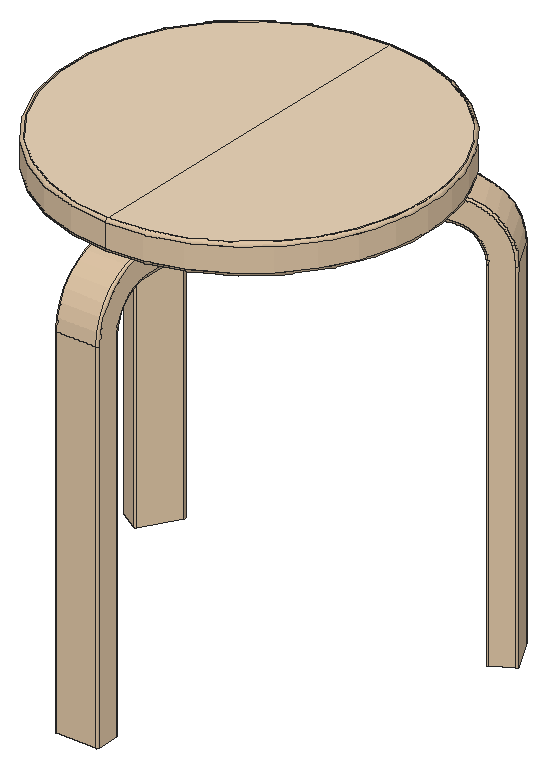
Revit family "Artek_Stools_Stool 60_Stool 60_quick_ship", category Furniture, Revit 2017
Family settings
  OmniClass Number = 23.40.20.14.14.11
  OmniClass Title = Chairs
  Work Plane-Based = No
  Always vertical = Yes
  Cut with Voids When Loaded = No
  Shared = No
  Room Calculation Point = No
Parameters (values of type "Stool 60 - natural lacquered / birch veneer")
  WarrantyStartDate [instance] = "n/a"
  WarrantyGuarantorParts = "n/a"
  WarrantyGuarantorLabor = "n/a"
  WarrantyDurationUnit = "n/a"
  WarrantyDurationParts = "n/a"
  WarrantyDurationLabor = "n/a"
  WarrantyDescription = "n/a"
  VersionDate = "12/11/2020"  # constant formula
  Version = "1"  # constant formula
  Uniclass2015Reference = "Pr_40_50_51_31"
  Uniclass2015Description = "Foot stools"
  Uniclass2 = "Pr_40_50_12_83"
  URL = "https://www.artek.fi/en/products/stool-60 "
  Type Comments = ""
  TagNumber [instance] = "n/a"
  SustainabilityPerformance = "n/a"
  Style = "n/a"
  Size = "380x380x440mm"
  Shape = "Sculptured"
  SerialNumber [instance] = "n/a"
  SeatingHeight = 440 mm
  SeatMaterial = Birch Veneer
  SeatBandMaterial = Natural Lacquered
  Revision = "1"  # constant formula
  ReplacementCost = "n/a"
  ProductInformation = "Alvar Aalto’s iconic Stool 60 is the most elemental of furniture pieces, equally suitable as a seat, a table, storage unit, or display surface. The legs are mounted directly to the underside of the round seat without the need for complicated connecting elements. Thanks to its geometry, the stool can be stacked to save space in a spiralling tower sculpture. Manufactured in 42 production steps at the A-Factory in Turku, Finland, Stool 60 is available in a wide variety of colours and finishes. Several million units of Stool 60 and its four-legged cousin, Stool E60, have been sold, making it one of the most cherished products in the history of design."
  NominalLength = 380 mm
  NominalHeight = 440 mm
  NominalDepth = 380 mm
  Name = "Stool_60"  # constant formula
  NBSReference = "45-35-20/365"
  NBSDescription = "Domestic chairs"
  ModelReference = "n/a"
  ModelNumber = "28000151"
  Material = "Wood/Fabric/Textile"
  ManufacturerURL = "https://www.artek.fi/"
  ManufacturerName = "Artek"
  Model = "Stool 60"
  Manufacturer = "Artek"
  MainColor = "Various"
  LegsMaterial = Natural Lacquered
  InstallationDate [instance] = "n/a"
  IfcExportType = "CHAIR"  # constant formula
  IfcExportAs = "IfcFurnishingElementType"  # constant formula
  Grade = "n/a"
  Finish = "Three legs and seat edge-band:\r\nSolid birch\r\nSeat core versions:\r\nSolid birch, Birch plywood\r\nSeat surface versions:\r\nBirch veneer, High-pressure laminate, Linoleum, Fabric upholstery and PU foam padding, Leather upholstery and PU foam padding, Leather upholstery"
  Features = "Stool 60 can be stacked to create a spiralling tower of design classics Made of solid birch in Finland The simple geometry of Stool 60 has an elemental power"
  ExpectedLife = "n/a"
  DurationUnit = "Years"
  Designer = "Alvar Aalto"
  Description = "Alvar Aalto’s iconic Stool 60 is the most elemental of furniture pieces, equally suitable as a seat, a table, storage unit, or display surface. The legs are mounted directly to the underside of the round seat without the need for complicated connecting elements. Thanks to its geometry, the stool can be stacked to save space in a spiralling tower sculpture. Manufactured in 42 production steps at the A-Factory in Turku, Finland, Stool 60 is available in a wide variety of colours and finishes. Several million units of Stool 60 and its four-legged cousin, Stool E60, have been sold, making it one of the most cherished products in the history of design."
  Cost = 0
  ConvergoRefNr = "n/a"
  Constituents = "n/a"
  Color = "Various"
  Collection = "Stool 60"
  CodePerformance = "n/a"
  Barcode [instance] = "n/a"
  AssetIdentifier [instance] = "n/a"
  Category = "Stools"
  Brand = "Artek"
  BIMObjectName = "Furniture_Chairs_Artek_Stool_60"  # constant formula
  Author = "Convergo AB"  # constant formula
  AssetType = "Movable"
  AccessibilityPerformance = "n/a"
Types (16, lengths in mm): name | SeatMaterial | SeatBandMaterial | ModelNumber | LegsMaterial
  Stool 60 - natural lacquered / birch veneer | Birch Veneer | Natural Lacquered | "28000151" | Natural Lacquered
  Stool 60 - natural lacquered / IKI white HPL | IKI white HPL | Natural Lacquered | "28000152" | Natural Lacquered
  Stool 60 - natural lacquered / black linoleum | Black Linoleum | Natural Lacquered | "28000153" | Natural Lacquered
  Stool 60 - natural lacquered / black lacquered | Black Lacquered | Black Lacquered | "28000154" | Natural Lacquered
  Stool 60 - natural lacquered / white lacquered | White Lacquered | White Lacquered | "28000155" | Natural Lacquered
  Stool 60 - natural lacquered / orange lacquered | Orange Lacquered | Orange Lacquered | "28000156" | Natural Lacquered
  Stool 60 - natural lacquered / yellow lacquered | Yellow Lacquered | Yellow Lacquered | "28000157" | Natural Lacquered
  Stool 60 - natural lacquered / green lacquered | Green Lacquered | Green Lacquered | "28000158" | Natural Lacquered
  Stool 60 - natural lacquered / petrol lacquered | Petrol Lacquered | Petrol Lacquered | "28000184" | Natural Lacquered
  Stool 60 - natural lacquered / red lacquered | Red Lacquered | Red Lacquered | "28000185" | Natural Lacquered
  Stool 60 - natural lacquered / blue lacquered | Blue Lacquered | Blue Lacquered | "28000186" | Natural Lacquered
  Stool 60 - white lacquered / white lacquered | White Lacquered | White Lacquered | "28000163" | White Lacquered
  Stool 60 - natural lacquered / grey lacquered | Grey Lacquered | Grey Lacquered | "28000187" | Natural Lacquered
  Stool 60 - black lacquered / black lacquered | Black Lacquered | Black Lacquered | "28000164" | Black Lacquered
  Stool 60 - honey stained / honey stained | Honey Stained | Honey Stained | "28000182" | Honey Stained
  Stool 60 - walnut stained / walnut stained | Walnut Stained | Walnut Stained | "28000171" | Walnut Stained
Reference planes
  plane 1 "Center (Front/Back)": y = 0
  plane 2: z = 0
  plane 3 "Center (Left/Right)": x = 0
  plane 4: z = 440
  plane 5: z = 440
  plane 6: y = 193
  plane 7: y = -193
  plane 8: x = 192.5
  plane 9: x = -192.5
Forms (mm)
  Revolve 1, solid, material "Birch Veneer" <- "SeatMaterial", detail levels medium+fine
    sketch origin (0, 0, 0) x (0, 1, 0) y (0, 0, 1)
      loop
        line (190, 440) -> (18, 440) -> (18, 435.946) -> (190, 435.946) -> (190, 440)
      axis (18, 440) -> (18, 435.946)
    angle from 0 to 360
  Extrusion 2, solid, material "Birch Veneer" <- "SeatMaterial", detail levels coarse
    sketch origin (0, 0, 0) x (1, 0, 0) y (0, 1, 0)
      loop
        line (-192.5, 193) -> (-192.5, -193) -> (192.5, -193) -> (192.5, 193) -> (-192.5, 193)
    from 440 to 0
  Sweep 3, solid, material "Natural Lacquered" <- "LegsMaterial", detail levels medium+fine
    path origin (0, 0, 0) x (0, 1, 0) y (0, 0, 1)
      loop
        line (-168, 0) -> (-168, 351.014)
        arc (-168, 351.014) -> (-157.749, 375.763) -> (-133, 386.014) r 35
        line (-133, 386.014) -> (-55.593, 386.014)
    profile origin (0, -168, 175.507) x (0, -1, 0) y (1, 0, 0)
      loop
        arc (-0.004, -19.001) -> (0.582, -20.415) -> (1.996, -21.001) r 2
        line (1.996, -21.001) -> (22.996, -21.001)
        arc (22.996, -21.001) -> (24.41, -20.415) -> (24.996, -19.001) r 2
        line (24.996, -19.001) -> (24.996, 18.999)
        arc (24.996, 18.999) -> (24.41, 20.414) -> (22.996, 20.999) r 2
        line (22.996, 20.999) -> (1.996, 20.999)
        arc (1.996, 20.999) -> (0.582, 20.414) -> (-0.004, 18.999) r 2
        line (-0.004, 18.999) -> (-0.004, -19.001)
  Sweep 4, solid, material "Natural Lacquered" <- "LegsMaterial", detail levels medium+fine
    path origin (15.594, 27.01, 0) x (-0.866025, -0.5, 0) y (0, 0, 1)
      loop
        line (-168, 0) -> (-168, 351.014)
        arc (-168, 351.014) -> (-157.749, 375.763) -> (-133, 386.014) r 35
        line (-133, 386.014) -> (-55.593, 386.014)
    profile origin (161.086, 111.01, 175.507) x (0.866025, 0.5, 0) y (-0.5, 0.866025, 0)
      loop
        arc (-0.004, -19.001) -> (0.582, -20.415) -> (1.996, -21.001) r 2
        line (1.996, -21.001) -> (22.996, -21.001)
        arc (22.996, -21.001) -> (24.41, -20.415) -> (24.996, -19.001) r 2
        line (24.996, -19.001) -> (24.996, 18.999)
        arc (24.996, 18.999) -> (24.41, 20.414) -> (22.996, 20.999) r 2
        line (22.996, 20.999) -> (1.996, 20.999)
        arc (1.996, 20.999) -> (0.582, 20.414) -> (-0.004, 18.999) r 2
        line (-0.004, 18.999) -> (-0.004, -19.001)
  Sweep 5, solid, material "Natural Lacquered" <- "LegsMaterial", detail levels medium+fine
    path origin (-15.594, 27.01, 0) x (0.866025, -0.5, 0) y (0, 0, 1)
      loop
        line (-168, 0) -> (-168, 351.014)
        arc (-168, 351.014) -> (-157.749, 375.763) -> (-133, 386.014) r 35
        line (-133, 386.014) -> (-55.593, 386.014)
    profile origin (-161.086, 111.01, 175.507) x (-0.866025, 0.5, 0) y (-0.5, -0.866025, 0)
      loop
        arc (-0.004, -19.001) -> (0.582, -20.415) -> (1.996, -21.001) r 2
        line (1.996, -21.001) -> (22.996, -21.001)
        arc (22.996, -21.001) -> (24.41, -20.415) -> (24.996, -19.001) r 2
        line (24.996, -19.001) -> (24.996, 18.999)
        arc (24.996, 18.999) -> (24.41, 20.414) -> (22.996, 20.999) r 2
        line (22.996, 20.999) -> (1.996, 20.999)
        arc (1.996, 20.999) -> (0.582, 20.414) -> (-0.004, 18.999) r 2
        line (-0.004, 18.999) -> (-0.004, -19.001)
  Revolve 6, solid, material "Natural Lacquered" <- "SeatBandMaterial", detail levels medium+fine
    sketch origin (0, 0, 0) x (0, 1, 0) y (0, 0, 1)
      loop
        line (17.959, 435.946) -> (17.959, 411.014) -> (190, 411.014)
        arc (190, 411.014) -> (192.121, 411.893) -> (193, 414.014) r 3
        line (193, 414.014) -> (193, 437)
        arc (193, 437) -> (192.121, 439.121) -> (190, 440) r 3
        line (190, 440) -> (190, 435.946) -> (17.959, 435.946)
      axis (17.959, 411.014) -> (17.959, 440)
    angle from 0 to 360
Lines and regions (mm)
  symbolic lines, detail levels medium+fine
    curve 1: line (0, 0, 440) -> (-171.58, 0, 440)
    curve 3: line (-174.58, 0, 437) -> (-174.58, 0, 414)
    curve 4: line (-0.001, 0, 0) -> (-21.001, 0, 0)
    curve 5: line (-21.001, 0, 0) -> (-21.001, 0, 411)
    curve 6: line (-51.198, 0, 411) -> (-51.198, 0, 386.804)
    curve 7: line (-51.198, 0, 386.804) -> (-74.775, 0, 386.804)
    curve 10: line (-147.349, 0, 336.268) -> (-147.349, 0, 0)
    curve 11: line (-190, 0, 0) -> (-147.349, 0, 0)
    curve 12: line (-190, 0, 336) -> (-190, 0, 0)
    curve 14: line (-104.048, 0, 386.804) -> (-74.775, 0, 386.804)
    curve 15: line (-144.801, 0, 411) -> (-171.58, 0, 411)
    curve 18: line (-21.001, 0, 411) -> (-51.198, 0, 411)
    curve 19: line (0, 0, 440) -> (0, 190, 440)
    curve 20: line (0, 193, 437) -> (0, 193, 414.014)
    curve 21: arc (0, 190, 440) -> (0, 192.121, 439.121) -> (0, 193, 437) r 3
    curve 22: arc (0, 193, 414.014) -> (0, 192.121, 411.893) -> (0, 190, 411.014) r 3
    curve 23: line (0, 190, 411.014) -> (0, 112.659, 411.014)
    curve 24: line (0, 0, 440) -> (0, -154.082, 440)
    curve 25: line (0, 0, 411.014) -> (0, -55.593, 411.014)
    curve 26: line (0, -157.082, 437) -> (0, -157.082, 414.033)
    curve 27: line (0, 32.919, 386.8) -> (0, 68.559, 386.8)
    curve 28: line (0, 32.919, 386.8) -> (0, 32.919, 411.014)
    curve 29: line (0, 138.153, 0) -> (0, 138.153, 332.425)
    curve 31: line (0, 89.094, 0) -> (0, 89.094, 332.546)
    curve 32: line (0, 89.094, 0) -> (0, 102.77, 0)
    curve 33: line (0, -133, 386.014) -> (0, -55.593, 386.014)
    curve 34: arc (0, -168, 351.014) -> (0, -157.749, 375.763) -> (0, -133, 386.014) r 35
    curve 35: line (0, -168, 0) -> (0, -168, 351.014)
    curve 36: line (0, -193, 351.014) -> (0, -193, 0)
    curve 37: line (0, -193, 0) -> (0, -168, 0)
    curve 41: line (0, -133, 411.033) -> (0, -154.082, 411.033)
    curve 42: line (0, 32.919, 411.014) -> (0, 0, 411.014)
    curve 43: line (0, 102.77, 0) -> (0, 138.153, 0)
    curve 44: arc (0, -154.082, 440) -> (0, -156.203, 439.121) -> (0, -157.082, 437) r 3
    curve 45: arc (0, -157.082, 414.033) -> (0, -156.203, 411.912) -> (0, -154.082, 411.033) r 3
    curve 46: arc (0, 138.153, 332.425) -> (0, 137.011, 354.91) -> (0, 133.597, 377.163) r 221.937
    curve 47: arc (0, 133.597, 377.163) -> (0, 131.095, 386.524) -> (0, 127.521, 395.531) r 83.229
    curve 48: arc (0, 127.521, 395.531) -> (0, 121.375, 404.506) -> (0, 112.659, 411.014) r 33.214
    curve 52: arc (0, 89.094, 332.546) -> (0, 87.908, 352.961) -> (0, 84.363, 373.1) r 176.178
    curve 53: arc (0, 84.363, 373.1) -> (0, 83.945, 374.682) -> (0, 83.445, 376.241) r 31.302
    curve 54: arc (0, 83.445, 376.241) -> (0, 77.684, 383.892) -> (0, 68.559, 386.8) r 15.772
    curve 55: arc (-174.58, 0, 437) -> (-173.701, 0, 439.121) -> (-171.58, 0, 440) r 3
    curve 56: arc (-174.58, 0, 414) -> (-173.701, 0, 411.879) -> (-171.58, 0, 411) r 3
    curve 57: arc (-181.521, 0, 381.7) -> (-187.862, 0, 359.24) -> (-190, 0, 336) r 127.394
    curve 58: arc (-157.715, 0, 407.6) -> (-172.084, 0, 396.917) -> (-181.521, 0, 381.7) r 47.854
    curve 59: arc (-144.801, 0, 411) -> (-151.423, 0, 409.927) -> (-157.715, 0, 407.6) r 34.691
    curve 62: arc (-140.008, 0, 371.6) -> (-145.495, 0, 354.311) -> (-147.349, 0, 336.268) r 88.693
    curve 63: arc (-121.527, 0, 386.804) -> (-132.598, 0, 381.427) -> (-140.008, 0, 371.6) r 26.284
    curve 65: line (-121.527, 0, 386.804) -> (-104.048, 0, 386.804)
    curve 66: line (0, 0, 440) -> (171.58, 0, 440)
    curve 68: line (174.58, 0, 437) -> (174.58, 0, 414)
    curve 69: line (-0.001, 0, 0) -> (21.001, 0, 0)
    curve 70: line (21.001, 0, 0) -> (21.001, 0, 411)
    curve 71: line (51.198, 0, 411) -> (51.198, 0, 386.804)
    curve 72: line (51.198, 0, 386.804) -> (74.775, 0, 386.804)
    curve 75: line (147.349, 0, 336.268) -> (147.349, 0, 0)
    curve 76: line (190, 0, 0) -> (147.349, 0, 0)
    curve 77: line (190, 0, 336) -> (190, 0, 0)
    curve 79: line (104.048, 0, 386.804) -> (74.775, 0, 386.804)
    curve 80: line (144.801, 0, 411) -> (171.58, 0, 411)
    curve 83: line (21.001, 0, 411) -> (51.198, 0, 411)
    curve 84: arc (174.58, 0, 437) -> (173.701, 0, 439.121) -> (171.58, 0, 440) r 3
    curve 85: arc (174.58, 0, 414) -> (173.701, 0, 411.879) -> (171.58, 0, 411) r 3
    curve 86: arc (181.521, 0, 381.7) -> (187.862, 0, 359.24) -> (190, 0, 336) r 127.394
    curve 87: arc (157.715, 0, 407.6) -> (172.084, 0, 396.917) -> (181.521, 0, 381.7) r 47.854
    curve 88: arc (144.801, 0, 411) -> (151.423, 0, 409.927) -> (157.715, 0, 407.6) r 34.691
    curve 91: arc (140.008, 0, 371.6) -> (145.495, 0, 354.311) -> (147.349, 0, 336.268) r 88.693
    curve 92: arc (121.527, 0, 386.804) -> (132.598, 0, 381.427) -> (140.008, 0, 371.6) r 26.284
    curve 94: line (121.527, 0, 386.804) -> (104.048, 0, 386.804)
    curve 95: arc (-160.983, 86.632, 0) -> (-151.524, -69.546, 0) -> (-20.939, -155.736, 0) r 175
    curve 96: line (192.2, 107.119, 0) -> (173.189, 140.022, 0)
    curve 97: line (170.456, 140.753, 0) -> (139.923, 123.11, 0)
    curve 98: line (160.935, 86.744, 0) -> (191.469, 104.387, 0)
    curve 99: line (-139.996, 123.012, 0) -> (-170.569, 140.649, 0)
    curve 100: line (-191.529, 104.253, 0) -> (-160.983, 86.632, 0)
    curve 101: line (-173.258, 139.928, 0) -> (-192.262, 106.985, 0)
    curve 102: line (-20.939, -155.736, 0) -> (-20.927, -191.001, 0)
    curve 103: line (-18.926, -193, 0) -> (19.074, -192.987, 0)
    curve 104: line (21.073, -190.986, 0) -> (21.061, -155.721, 0)
    curve 105: arc (-170.569, 140.649, 0) -> (-172.063, 140.845, 0) -> (-173.258, 139.928, 0) r 1.969
    curve 106: arc (-192.262, 106.985, 0) -> (-192.462, 105.467, 0) -> (-191.529, 104.253, 0) r 2
    curve 107: arc (170.456, 140.753, 0) -> (171.974, 140.953, 0) -> (173.189, 140.022, 0) r 2
    curve 108: arc (192.2, 107.119, 0) -> (192.401, 105.602, 0) -> (191.469, 104.387, 0) r 2
    curve 109: arc (-20.927, -191.001, 0) -> (-20.341, -192.415, 0) -> (-18.926, -193, 0) r 2
    curve 110: arc (19.074, -192.987, 0) -> (20.488, -192.4, 0) -> (21.073, -190.986, 0) r 2
    curve 112: arc (139.923, 123.11, 0) -> (-0.061, 193.007, 0) -> (-139.996, 123.012, 0) r 175
    curve 115: arc (21.061, -155.721, 0) -> (151.585, -69.44, 0) -> (160.935, 86.744, 0) r 175
    curve 117: arc (0, -193, 351.014) -> (0, -175.426, 393.441) -> (0, -133, 411.014) r 60
  symbolic lines, detail levels fine
    curve 2: line (-0.001, 0, 411) -> (-21.001, 0, 411)
    curve 8: line (-74.775, 0, 386.804) -> (-74.775, 0, 411)
    curve 9: line (-168.349, 0, 0) -> (-168.349, 0, 336.804)
    curve 13: line (-141.47, 0, 386.804) -> (-121.527, 0, 386.804)
    curve 16: line (-74.775, 0, 411) -> (-144.801, 0, 411)
    curve 17: line (-51.198, 0, 411) -> (-74.775, 0, 411)
    curve 30: line (0, 102.77, 336) -> (0, 102.77, 0)
    curve 38: line (0, 115.687, 411.014) -> (0, 79.771, 411.014)
    curve 39: line (0, 79.771, 411.014) -> (0, 32.919, 411.014)
    curve 40: line (0, -55.593, 411.014) -> (0, -133, 411.014)
    curve 49: arc (0, 98.063, 381.9) -> (0, 101.59, 359.07) -> (0, 102.77, 336) r 226.15
    curve 50: arc (0, 84.394, 407.8) -> (0, 93.062, 395.817) -> (0, 98.063, 381.9) r 52.76
    curve 51: arc (0, 79.033, 411.014) -> (0, 81.927, 409.763) -> (0, 84.394, 407.8) r 11.985
    curve 60: arc (-168.349, 0, 336.804) -> (-167.571, 0, 349.646) -> (-165.246, 0, 362.3) r 106.289
    curve 61: arc (-165.246, 0, 362.3) -> (-162.594, 0, 370.155) -> (-158.675, 0, 377.46) r 49.77
    curve 64: arc (-158.675, 0, 377.46) -> (-151.259, 0, 384.317) -> (-141.47, 0, 386.804) r 20.513
    curve 67: line (-0.001, 0, 411) -> (21.001, 0, 411)
    curve 73: line (74.775, 0, 386.804) -> (74.775, 0, 411)
    curve 74: line (168.349, 0, 0) -> (168.349, 0, 336.804)
    curve 78: line (141.47, 0, 386.804) -> (121.527, 0, 386.804)
    curve 81: line (74.775, 0, 411) -> (144.801, 0, 411)
    curve 82: line (51.198, 0, 411) -> (74.775, 0, 411)
    curve 89: arc (168.349, 0, 336.804) -> (167.571, 0, 349.646) -> (165.246, 0, 362.3) r 106.289
    curve 90: arc (165.246, 0, 362.3) -> (162.594, 0, 370.155) -> (158.675, 0, 377.46) r 49.77
    curve 93: arc (158.675, 0, 377.46) -> (151.259, 0, 384.317) -> (141.47, 0, 386.804) r 20.513
    curve 111: arc (-139.996, 123.012, 0) -> (-151.585, 105.454, 0) -> (-160.983, 86.632, 0) r 175
    curve 113: arc (160.935, 86.744, 0) -> (151.524, 105.56, 0) -> (139.923, 123.11, 0) r 175
    curve 114: arc (-20.939, -155.736, 0) -> (0.061, -156.993, 0) -> (21.061, -155.721, 0) r 175
  symbolic lines
    curve 116: line (0, -55.593, 411.014) -> (0, -55.593, 386.014)
Dimensions and locks
  "NominalHeight": plane 4 to level
  "SeatingHeight": plane 5 to level
  aligned and locked: level to plane 2
Automatic sketch dimensions
  profile plane to Sweep 3 sketch curve = 0.004 mm
  Sweep 3 sketch curve to profile plane = 1.996 mm  (x2)
  Sweep 3 sketch curve to Sweep 3 sketch curve = 21 mm
  Sweep 3 sketch curve to Sweep 3 sketch curve = 2 mm
  Sweep 3 sketch curve to plane 3 "Center (Left/Right)" = 21.001 mm
  plane 3 "Center (Left/Right)" to Sweep 3 sketch curve = 18.999 mm  (x2)
  curve 12 to level = 0 mm
  curve 1 to plane 4 = 0 mm
  curve 5 to level = 0 mm
  curve 1 to plane 3 "Center (Left/Right)" = 0 mm
  curve 75 to level = 0 mm
  curve 3 to curve 56 = 3 mm
  curve 3 to curve 55 = 3 mm
  curve 9 to curve 11 = 21 mm
  curve 56 to curve 16 = 26.779 mm
  curve 15 to curve 59 = 2.21 mm
  curve 59 to curve 64 = 1.121 mm
  curve 64 to curve 58 = 4.617 mm
  curve 64 to curve 65 = 19.942 mm
  curve 58 to curve 61 = 19.923 mm
  curve 61 to curve 63 = 1.03 mm
  curve 63 to curve 65 = 17.479 mm
  curve 14 to curve 8 = 29.273 mm
  curve 7 to curve 57 = 12.169 mm
  curve 57 to curve 60 = 0.545 mm
  curve 60 to curve 62 = 3.404 mm
  curve 7 to curve 6 = 23.576 mm
  curve 5 to plane 3 "Center (Left/Right)" = 21.001 mm
  curve 2 to plane 3 "Center (Left/Right)" = 0.001 mm
  curve 4 to plane 3 "Center (Left/Right)" = 0.001 mm
  plane 3 "Center (Left/Right)" to curve 70 = 21.001 mm
  curve 67 to curve 82 = 30.198 mm
  curve 71 to curve 91 = 7.458 mm
  curve 91 to curve 89 = 3.404 mm
  curve 89 to curve 86 = 0.545 mm
  curve 71 to curve 73 = 23.576 mm
  curve 72 to curve 94 = 29.273 mm
  curve 94 to curve 92 = 11.851 mm
  curve 92 to curve 90 = 1.03 mm
  curve 94 to curve 94 = 17.479 mm
  curve 92 to curve 87 = 20.953 mm
  curve 87 to curve 93 = 4.617 mm
  curve 93 to curve 88 = 1.121 mm
  curve 78 to curve 81 = 3.331 mm
  curve 75 to curve 74 = 21 mm
  curve 84 to plane 4 = 3 mm
  curve 80 to curve 85 = 3 mm
  curve 77 to curve 68 = 101 mm
  curve 57 to plane 4 = 104 mm
  curve 57 to curve 10 = 0.268 mm
  curve 86 to curve 91 = 0.268 mm
  curve 62 to curve 9 = 0.536 mm
  curve 75 to curve 74 = 0.536 mm
  curve 62 to curve 61 = 14.094 mm
  curve 75 to curve 90 = 14.094 mm
  curve 90 to curve 92 = 10.768 mm
  curve 61 to curve 63 = 10.768 mm
  curve 87 to curve 91 = 7.066 mm
  curve 58 to curve 62 = 7.066 mm
  curve 58 to curve 64 = 1.758 mm
  curve 87 to curve 93 = 1.758 mm
  curve 91 to curve 88 = 4.779 mm
  curve 62 to curve 59 = 4.779 mm
  curve 88 to curve 78 = 10.425 mm
  curve 59 to curve 65 = 10.425 mm
  curve 67 to plane 4 = 29 mm
  curve 58 to curve 57 = 0 mm
  curve 61 to curve 60 = 0 mm
  curve 87 to curve 88 = 0 mm
  curve 90 to curve 93 = 0 mm
  plane 1 "Center (Front/Back)" to Extrusion 2 sketch curve = 193 mm
  Extrusion 2 sketch curve to plane 1 "Center (Front/Back)" = 193 mm
  curve 69 to curve 75 = 126.349 mm
  curve 87 to curve 84 = 13.865 mm
  curve 89 to curve 77 = 21.651 mm
  plane 3 "Center (Left/Right)" to Extrusion 2 sketch curve = 192.5 mm
  curve 17 to curve 2 = 30.198 mm
  curve 10 to curve 4 = 126.349 mm
  curve 11 to curve 9 = 21.651 mm
  Extrusion 2 sketch curve to plane 3 "Center (Left/Right)" = 192.5 mm
  Sweep 3 sketch curve to level = 0 mm
  Sweep 3 sketch curve to plane 7 = 25 mm
  Sweep 3 sketch curve to plane 4 = 88.986 mm
  Sweep 3 sketch curve to Sweep 3 sketch curve = 35 mm
  plane 1 "Center (Front/Back)" to Sweep 3 sketch curve = 55.593 mm
  curve 34 to curve 117 = 0 mm  (x2)
  curve 37 to level = 0 mm
  curve 37 to plane 7 = 0 mm
  curve 24 to plane 4 = 0 mm
  curve 19 to plane 1 "Center (Front/Back)" = 0 mm
  curve 42 to plane 1 "Center (Front/Back)" = 0 mm
  curve 32 to level = 0 mm
  curve 20 to plane 6 = 0 mm
  curve 35 to plane 7 = 25 mm
  curve 26 to plane 7 = 35.918 mm
  curve 26 to curve 45 = 3 mm
  curve 26 to curve 24 = 3 mm
  curve 41 to curve 40 = 21.082 mm
  curve 117 to curve 49 = 9.62 mm
  curve 49 to curve 52 = 36.296 mm
  curve 52 to curve 46 = 3.299 mm
  plane 1 "Center (Front/Back)" to curve 116 = 55.593 mm
  curve 28 to plane 1 "Center (Front/Back)" = 32.919 mm
  curve 27 to curve 50 = 13.482 mm
  curve 50 to curve 47 = 5.675 mm
  curve 47 to curve 53 = 1.825 mm
  curve 53 to curve 54 = 14.657 mm
  curve 54 to curve 51 = 7.205 mm
  curve 51 to curve 38 = 4.008 mm
  curve 54 to curve 31 = 20.536 mm
  curve 51 to curve 48 = 21.65 mm
  curve 31 to curve 30 = 13.676 mm
  curve 30 to curve 43 = 35.383 mm
  curve 22 to plane 6 = 3 mm
  curve 19 to plane 6 = 3 mm
  curve 29 to plane 4 = 107.575 mm
  curve 46 to curve 52 = 0.121 mm
  curve 52 to curve 49 = 3.454 mm
  curve 49 to curve 117 = 15.014 mm
  curve 31 to curve 47 = 27.84 mm
  curve 47 to curve 53 = 5.509 mm
  curve 53 to curve 54 = 5.133 mm
  curve 53 to curve 50 = 5.297 mm
  curve 48 to curve 49 = 0.394 mm
  curve 54 to curve 27 = 15.772 mm
  curve 51 to curve 51 = 11.53 mm
  curve 23 to curve 21 = 25.986 mm
  curve 117 to curve 41 = 0.019 mm
  curve 41 to curve 117 = 0 mm
  curve 51 to curve 38 = 0.738 mm
  curve 53 to curve 54 = 0 mm
  curve 50 to curve 51 = 0 mm
  curve 50 to curve 23 = 28.265 mm
  curve 48 to curve 23 = 0 mm
  curve 48 to curve 38 = 3.028 mm
  curve 47 to curve 48 = 0 mm
  curve 95 to curve 111 = 0 mm  (x2)
  curve 95 to curve 112 = 0 mm  (x2)
  curve 95 to curve 113 = 0 mm  (x2)
  curve 95 to curve 114 = 0 mm  (x2)
  curve 95 to curve 115 = 0 mm
  plane 7 to curve 109 = 0 mm
  curve 113 to plane 3 "Center (Left/Right)" = 0 mm
  curve 103 to plane 3 "Center (Left/Right)" = 18.926 mm
  curve 109 to curve 109 = 0.001 mm
  curve 102 to plane 7 = 1.999 mm
  curve 102 to curve 109 = 2 mm
  curve 102 to plane 3 "Center (Left/Right)" = 20.939 mm
  curve 99 to plane 9 = 52.504 mm
  curve 99 to plane 9 = 21.931 mm
  curve 105 to curve 99 = 0.984 mm
  curve 101 to curve 105 = 1.705 mm
  curve 106 to plane 9 = 1.97 mm
  curve 100 to plane 9 = 0.971 mm
  curve 101 to plane 9 = 0.238 mm
  curve 110 to plane 7 = 2.013 mm
  plane 3 "Center (Left/Right)" to curve 110 = 19.073 mm
  curve 103 to plane 7 = 0.013 mm
  curve 110 to curve 103 = 0.001 mm
  plane 3 "Center (Left/Right)" to curve 104 = 21.061 mm
  curve 104 to plane 7 = 2.014 mm
  curve 97 to plane 8 = 52.577 mm
  curve 98 to plane 8 = 31.565 mm
  curve 97 to plane 8 = 22.044 mm
  curve 97 to curve 107 = 1.001 mm
  curve 107 to curve 96 = 1.732 mm
  curve 108 to plane 8 = 2.031 mm
  curve 98 to plane 8 = 1.031 mm
  curve 96 to plane 8 = 0.3 mm
  curve 115 to plane 1 "Center (Front/Back)" = 18.007 mm
  curve 100 to curve 112 = 18.759 mm
  curve 113 to curve 98 = 17.643 mm
  curve 106 to curve 106 = 1.732 mm
  curve 98 to curve 108 = 1.732 mm
  curve 112 to curve 105 = 15.932 mm
  curve 97 to curve 107 = 15.911 mm
  curve 105 to curve 101 = 0.984 mm
  curve 107 to curve 96 = 1.001 mm
  curve 95 to plane 9 = 31.517 mm
  level to Sweep 4 sketch curve = 0 mm
  Sweep 4 sketch curve to plane 4 = 88.986 mm
  Sweep 4 sketch curve to Sweep 4 sketch curve = 35 mm
  Sweep 4 sketch curve to Sweep 4 sketch curve = 77.407 mm
  profile plane to Sweep 4 sketch curve = 0.004 mm
  Sweep 4 sketch curve to profile plane = 1.996 mm  (x2)
  Sweep 4 sketch curve to Sweep 4 sketch curve = 21 mm  (x2)
  Sweep 4 sketch curve to Sweep 4 sketch curve = 2 mm
  Sweep 4 sketch curve to profile plane = 21.001 mm
  profile plane to Sweep 4 sketch curve = 18.999 mm
  Sweep 5 sketch curve to level = 0 mm
  Sweep 5 sketch curve to plane 4 = 88.986 mm
  Sweep 5 sketch curve to Sweep 5 sketch curve = 35 mm
  Sweep 5 sketch curve to Sweep 5 sketch curve = 77.407 mm
  profile plane to Sweep 5 sketch curve = 0.004 mm
  Sweep 5 sketch curve to profile plane = 1.996 mm  (x2)
  Sweep 5 sketch curve to Sweep 5 sketch curve = 21 mm  (x2)
  Sweep 5 sketch curve to Sweep 5 sketch curve = 2 mm
  Sweep 5 sketch curve to profile plane = 21.001 mm
  profile plane to Sweep 5 sketch curve = 18.999 mm
  curve 109 to curve 102 = 35.265 mm
  Revolve 6 sketch curve to plane 4 = 0 mm  (x2)
  Revolve 6 sketch curve to plane 6 = 0 mm
  Revolve 6 sketch curve to Revolve 6 sketch curve = 3 mm
  Revolve 6 sketch curve to plane 6 = 3 mm
  Revolve 6 sketch curve to plane 4 = 4.054 mm
  Revolve 6 sketch curve to plane 1 "Center (Front/Back)" = 17.959 mm
  Revolve 6 sketch curve to Revolve 6 sketch curve = 21.932 mm
  Revolve 6 sketch curve to Revolve 6 sketch curve = 0 mm
  plane 4 to Revolve 6 sketch curve = 15 mm
  Revolve 1 sketch curve to plane 4 = 0 mm
  Revolve 1 sketch curve to plane 6 = 3 mm
  Revolve 1 sketch curve to plane 1 "Center (Front/Back)" = 18 mm
  Revolve 1 sketch curve to Revolve 1 sketch curve = 0 mm
  Revolve 1 sketch curve to Revolve 1 sketch curve = 4.628 mm
  Revolve 1 sketch curve to Revolve 1 sketch curve = 4.054 mm
  Revolve 1 sketch curve to Revolve 1 sketch curve = 12.915 mm
